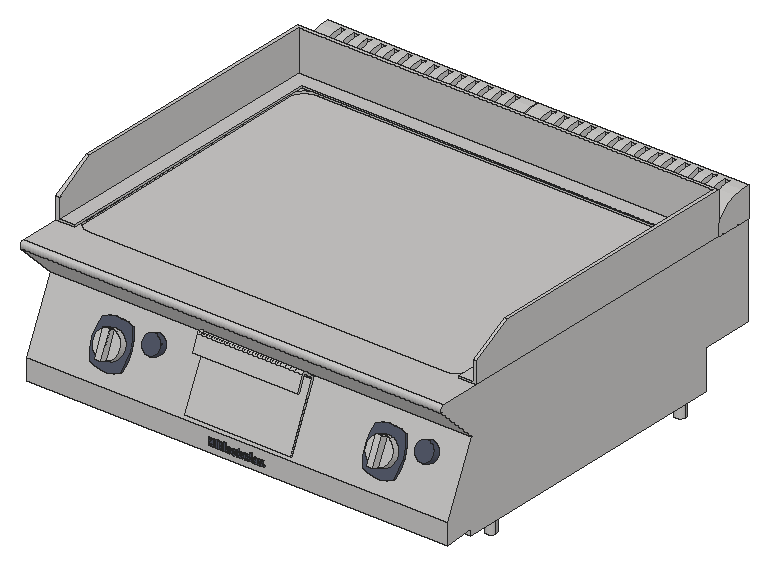
Revit family "QF_ELECTROLUXPROFESSIONAL_371410_E7IIETAOMEI", category Attrezzature speciali, Revit 2018 (continued)
Automatic sketch dimensions
  Extrusion 19 sketch curve to Extrusion 19 sketch curve = 1.808 mm
  Extrusion 19 sketch curve to Extrusion 19 sketch curve = 0.643 mm
  Extrusion 19 sketch curve to Extrusion 19 sketch curve = 0.916 mm
  Extrusion 19 sketch curve to Extrusion 19 sketch curve = 0.352 mm
  Extrusion 19 sketch curve to Extrusion 19 sketch curve = 0.458 mm
  Extrusion 19 sketch curve to Extrusion 19 sketch curve = 1.282 mm
  Extrusion 19 sketch curve to Extrusion 19 sketch curve = 1.363 mm
  Extrusion 19 sketch curve to Extrusion 19 sketch curve = 0.685 mm
  Extrusion 19 sketch curve to Extrusion 19 sketch curve = 0.905 mm
  Extrusion 19 sketch curve to Extrusion 19 sketch curve = 2.865 mm
  Extrusion 19 sketch curve to Extrusion 19 sketch curve = 0.472 mm
  Extrusion 19 sketch curve to Extrusion 19 sketch curve = 0.101 mm
  Extrusion 19 sketch curve to Extrusion 19 sketch curve = 0.54 mm
  Extrusion 19 sketch curve to Extrusion 19 sketch curve = 0.02 mm
  Extrusion 19 sketch curve to Extrusion 19 sketch curve = 0.468 mm
  Extrusion 19 sketch curve to Extrusion 19 sketch curve = 0.829 mm
  Extrusion 19 sketch curve to Extrusion 19 sketch curve = 0.582 mm
  Extrusion 19 sketch curve to Extrusion 19 sketch curve = 0.166 mm
  Extrusion 19 sketch curve to Extrusion 19 sketch curve = 0.16 mm
  Extrusion 19 sketch curve to Extrusion 19 sketch curve = 2.781 mm
  Extrusion 19 sketch curve to Extrusion 19 sketch curve = 1.118 mm
  Extrusion 19 sketch curve to Extrusion 19 sketch curve = 0.613 mm
  Extrusion 19 sketch curve to Extrusion 19 sketch curve = 0.361 mm
  Extrusion 19 sketch curve to Extrusion 19 sketch curve = 0.897 mm
  Extrusion 19 sketch curve to Extrusion 19 sketch curve = 0.167 mm
  Extrusion 19 sketch curve to Extrusion 19 sketch curve = 0.292 mm
  Extrusion 19 sketch curve to Extrusion 19 sketch curve = 0.305 mm
  Extrusion 19 sketch curve to Extrusion 19 sketch curve = 1.557 mm
  Extrusion 19 sketch curve to Extrusion 19 sketch curve = 2.499 mm
  Extrusion 19 sketch curve to Extrusion 19 sketch curve = 3.062 mm
  Extrusion 19 sketch curve to Extrusion 19 sketch curve = 2.968 mm
  Extrusion 19 sketch curve to Extrusion 19 sketch curve = 5.044 mm
  Extrusion 19 sketch curve to Extrusion 19 sketch curve = 0.629 mm  (x2)
  Extrusion 19 sketch curve to Extrusion 19 sketch curve = 1.131 mm
  Extrusion 19 sketch curve to Extrusion 19 sketch curve = 0.137 mm
  Extrusion 19 sketch curve to Extrusion 19 sketch curve = 0.027 mm
  Extrusion 19 sketch curve to Extrusion 19 sketch curve = 2.235 mm
  plane 1 "BACK" to curve 5 = 0 mm
  curve 14 to curve 16 = 54.075 mm
  curve 12 to curve 10 = 35.035 mm
  plane 1 "BACK" to curve 83 = 0 mm
  curve 83 to plane 7 "Center Y" = 0 mm
  plane 1 "BACK" to curve 67 = 6.761 mm
  curve 67 to plane 7 "Center Y" = 106.168 mm
  curve 68 to curve 67 = 9.296 mm
  plane 1 "BACK" to curve 63 = 6.761 mm
  curve 63 to curve 67 = 16.193 mm
  curve 64 to curve 65 = 9.296 mm
  curve 62 to curve 63 = 16.193 mm
  curve 60 to curve 59 = 9.296 mm
  plane 1 "BACK" to curve 55 = 6.761 mm
  curve 55 to curve 59 = 16.193 mm
  curve 55 to curve 55 = 9.296 mm
  plane 1 "BACK" to curve 51 = 6.761 mm
  curve 51 to curve 55 = 16.193 mm
  curve 51 to curve 51 = 9.296 mm
  plane 1 "BACK" to curve 47 = 6.761 mm
  curve 47 to curve 51 = 16.193 mm
  curve 49 to curve 49 = 9.296 mm
  curve 45 to curve 48 = 16.193 mm
  plane 1 "BACK" to curve 43 = 6.761 mm
  curve 45 to curve 45 = 9.296 mm
  curve 42 to curve 44 = 16.193 mm
  curve 41 to curve 41 = 9.296 mm
  plane 1 "BACK" to curve 38 = 6.761 mm
  curve 38 to curve 39 = 16.193 mm
  curve 35 to curve 35 = 9.296 mm
  plane 1 "BACK" to curve 34 = 6.761 mm
  curve 34 to curve 35 = 16.193 mm
  curve 32 to curve 33 = 9.296 mm
  curve 30 to curve 32 = 16.193 mm
  curve 29 to curve 29 = 9.296 mm
  curve 67 to curve 72 = 16.193 mm
  curve 71 to curve 74 = 9.296 mm
  plane 1 "BACK" to curve 75 = 6.761 mm
  curve 73 to curve 77 = 16.193 mm
  curve 76 to curve 78 = 9.296 mm
  curve 77 to curve 80 = 16.193 mm
  curve 80 to curve 82 = 9.296 mm
  plane 7 "Center Y" to curve 139 = 29.703 mm
  curve 136 to curve 136 = 9.296 mm
  curve 137 to curve 135 = 16.193 mm
  curve 134 to curve 134 = 9.296 mm
  plane 1 "BACK" to curve 128 = 6.761 mm
  curve 132 to curve 128 = 16.193 mm
  curve 130 to curve 130 = 9.296 mm
  plane 1 "BACK" to curve 127 = 6.761 mm
  curve 128 to curve 127 = 16.193 mm
  curve 126 to curve 125 = 9.296 mm
  plane 1 "BACK" to curve 123 = 6.761 mm
  curve 124 to curve 123 = 16.193 mm
  curve 122 to curve 121 = 9.296 mm
  curve 121 to curve 119 = 16.193 mm
  curve 118 to curve 117 = 9.296 mm
  curve 117 to curve 115 = 16.193 mm
  curve 114 to curve 113 = 9.296 mm
  curve 112 to curve 111 = 16.193 mm
  curve 110 to curve 109 = 9.296 mm
  curve 108 to curve 107 = 16.193 mm
  curve 106 to curve 105 = 9.296 mm
  curve 104 to curve 103 = 16.193 mm
  curve 102 to curve 101 = 9.296 mm
  curve 100 to curve 99 = 16.193 mm
  curve 98 to curve 97 = 9.296 mm
  plane 1 "BACK" to curve 95 = 6.761 mm
  curve 96 to curve 95 = 16.193 mm
  curve 94 to curve 93 = 9.296 mm
  plane 1 "BACK" to curve 91 = 6.761 mm
  curve 92 to curve 91 = 16.193 mm
  curve 90 to curve 89 = 9.296 mm
  plane 1 "BACK" to curve 84 = 6.761 mm
  curve 88 to curve 84 = 16.193 mm
  curve 84 to curve 85 = 9.296 mm
  curve 83 to curve 139 = 63.089 mm
  curve 83 to curve 138 = 5.939 mm
  plane 1 "BACK" to curve 28 = 63.911 mm
  curve 137 to curve 135 = 0 mm
  curve 29 to curve 32 = 0 mm
  curve 133 to curve 131 = 0 mm
  curve 33 to curve 36 = 0 mm
  curve 129 to curve 127 = 0 mm
  curve 37 to curve 40 = 0 mm
  curve 125 to curve 123 = 0 mm
  curve 41 to curve 44 = 0 mm
  curve 121 to curve 119 = 0 mm
  curve 45 to curve 48 = 0 mm
  curve 117 to curve 115 = 0 mm
  curve 49 to curve 52 = 0 mm
  curve 113 to curve 111 = 0 mm
  curve 53 to curve 56 = 0 mm
  curve 109 to curve 107 = 0 mm
  curve 57 to curve 60 = 0 mm
  curve 105 to curve 103 = 0 mm
  curve 61 to curve 64 = 0 mm
  curve 101 to curve 99 = 0 mm
  curve 65 to curve 68 = 0 mm
  curve 97 to curve 95 = 0 mm
  curve 69 to curve 72 = 0 mm
  curve 93 to curve 91 = 0 mm
  curve 73 to curve 76 = 0 mm
  curve 89 to curve 87 = 0 mm
  curve 77 to curve 80 = 0 mm
  plane 1 "BACK" to curve 80 = 6.761 mm
  plane 1 "BACK" to curve 74 = 6.761 mm
  plane 1 "BACK" to curve 96 = 6.761 mm
  plane 1 "BACK" to curve 100 = 6.761 mm
  plane 1 "BACK" to curve 104 = 6.761 mm
  plane 1 "BACK" to curve 60 = 6.761 mm
  plane 1 "BACK" to curve 108 = 6.761 mm
  plane 1 "BACK" to curve 112 = 6.761 mm
  plane 1 "BACK" to curve 116 = 6.761 mm
  plane 1 "BACK" to curve 42 = 6.761 mm
  plane 1 "BACK" to curve 132 = 6.761 mm
  plane 1 "BACK" to curve 136 = 6.761 mm
  plane 1 "BACK" to curve 28 = 6.761 mm
  plane 1 "BACK" to curve 24 = 0 mm
  curve 24 to plane 4 "RIGHT" = 0 mm
  curve 25 to plane 4 "RIGHT" = 0 mm
  plane 1 "BACK" to curve 26 = 0 mm
  curve 26 to plane 4 "RIGHT" = 0 mm
  curve 26 to plane 3 "LEFT" = 0 mm
  curve 25 to plane 3 "LEFT" = 0 mm
  curve 24 to plane 3 "LEFT" = 0 mm
  curve 24 to curve 25 = 69.85 mm
  Extrusion 20 sketch curve to plane 10 "TOP A" = 0 mm
  Extrusion 20 sketch curve to plane 1 "BACK" = 0 mm
  plane 1 "BACK" to Extrusion 20 sketch curve = 4.947 mm
  plane 6 "TOP" to Extrusion 20 sketch curve = 11.113 mm
  plane 1 "BACK" to Extrusion 20 sketch curve = 69.85 mm
  Extrusion 20 sketch curve to plane 10 "TOP A" = 24.807 mm
  plane 1 "BACK" to Extrusion 21 sketch curve = 6.761 mm  (x14)
  Extrusion 21 sketch curve to Extrusion 21 sketch curve = 57.15 mm
  Extrusion 21 sketch curve to Extrusion 21 sketch curve = 0 mm  (x13)
  plane 3 "LEFT" to Extrusion 21 sketch curve = 29.703 mm
  Extrusion 21 sketch curve to Extrusion 21 sketch curve = 9.296 mm  (x14)
  Extrusion 21 sketch curve to Extrusion 21 sketch curve = 16.193 mm  (x13)
  Extrusion 22 sketch curve to plane 10 "TOP A" = 0 mm
  Extrusion 22 sketch curve to plane 1 "BACK" = 0 mm
  plane 1 "BACK" to Extrusion 22 sketch curve = 4.947 mm
  plane 6 "TOP" to Extrusion 22 sketch curve = 11.113 mm
  plane 1 "BACK" to Extrusion 22 sketch curve = 69.85 mm
  Extrusion 22 sketch curve to plane 10 "TOP A" = 24.807 mm
  plane 1 "BACK" to Extrusion 23 sketch curve = 6.761 mm  (x14)
  Extrusion 23 sketch curve to Extrusion 23 sketch curve = 57.15 mm
  Extrusion 23 sketch curve to Extrusion 23 sketch curve = 0 mm  (x13)
  plane 7 "Center Y" to Extrusion 23 sketch curve = 29.703 mm
  Extrusion 23 sketch curve to Extrusion 23 sketch curve = 9.296 mm  (x14)
  Extrusion 23 sketch curve to Extrusion 23 sketch curve = 16.193 mm  (x13)
  radius of Extrusion 3 sketch curve = 9.525 mm  (x4)
  radius of Extrusion 4 sketch curve = 6.35 mm
  radius of Extrusion 12 sketch curve = 25.4 mm
  radius of Extrusion 13 sketch curve to Extrusion 12 = 0 mm  (x2)
  radius of Extrusion 15 sketch curve = 25.4 mm
  radius of Extrusion 16 sketch curve to Extrusion 15 = 0 mm  (x2)
  radius of Extrusion 17 sketch curve = 17.78 mm
  radius of Extrusion 18 sketch curve = 17.78 mm
Connectors
  piping at (749.3, -98.425, 57.718), diameter 12.7, driven by "Gas Size"
    settings: on Extrusion 4, index 1, connector inside diameter 0.50394", connector length 0 mm, flow factor 0, pipe flow 0 GPM, pressure drop 0.00 psi, fitting loss kfactor 0, connector angle 0.00°, fixture units 0, engagement length 0 mm, angle of deflection 0.00°, flow configuration 1, flow direction 1, fitting loss method 0, system type 7, joint type 0, gender type 0, connector reference index -1, connector utility 0, adjustable connector no, is connector primary yes, connector description "Gas Connection"
Types (2, lengths in mm): name | URL | Modello | Produttore | Gas Size | Descrizione
  (no name) | "www.electrolux.com/foodservice" | "371041" | "ELECTROLUX" | 0" | "700XP Full Module Gas Fry Top, 2/3 Smooth - 1/3 Ribbed Plate, Chromium Plated"
  Standard | "https://www.electroluxprofessional.com/" | "E7IIETAOMEI" | "Electrolux Professional" | 1/2" | "GAS FRYTOP-SMOOTH+RIBBED POLISHED CHROME PLATE 800MM - QMARK"
